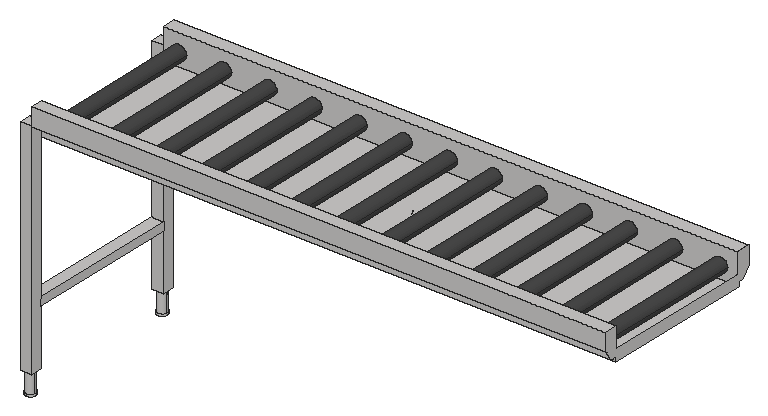
Revit family "QF_ELECTROLUXPROFESSIONAL_863033_HSLRC20", category Specialty Equipment, Revit 2018
Family settings
  Round Connector Dimension = Use Diameter
  Part Type = Normal
  Work Plane-Based = No
  Always vertical = Yes
  Cut with Voids When Loaded = No
  Shared = No
  Room Calculation Point = No
Parameters
  Weight = 0.00 kg
  Watts = 0 W
  Volts = 0 V
  URL Manufacturer = "http://professional.electrolux.com/"
  URL = "http://professional.electrolux.com/"
  Steam Supply Size = 0 mm
  Steam Supply Minimum Pressure = 0.0 Pa
  Steam Supply Maximum Pressure = 0.0 Pa
  Steam Pounds per Hour = 0
  Refrigeration Suction Line Size = 0 mm
  Refrigeration Liquid Line Size = 0 mm
  Refrigerant Compressor Remote = yes
  Manufacturer = "Electrolux"
  Phase = 0
  Model = "HSLRC20"
  Length Actual = 2000 mm  # constant formula
  Item Number = "863033"
  Hot Water Size = 0 mm
  Height Actual = 910 mm  # constant formula
  HP = "0 HP"
  Gas Size = 0 mm
  Gas KW = 0
  Gas Input Pressure = 0 W
  Description = "CONVEYOR, LONG ROLLERS, L=2000 MM"
  Depth Actual = 620 mm  # constant formula
  Cycle = 0 Hz
  Condensate Return Size = 0 mm
  Compressed Air Volume = 0.0 L/s
  Compressed Air Size = 0 mm
  Compressed Air Pressure = 0.0 Pa
  Cold Water Size = 0 mm
  Accessory = yes
Reference planes
  plane 1 "Centro (Fronte/Retro)": y = 74.737
  plane 2: z = 0
  plane 3 "LEFT": x = -1038.761
  plane 4 "BACK": y = 384.737
  plane 5 "FRONT": y = -235.263
  plane 6: z = 910
  plane 7 "RIGHT": x = 961.239
  plane 8: x = -8.761
Forms (mm)
  Extrusion 1, solid, material "QF_Finishes_Stainless Steel"
    sketch origin (0, 74.737, 0) x (1, 0, 0) y (0, 0, 1)
      loop
        line (-1079.929, 300) -> (-1079.929, 270) -> (-1039.929, 270) -> (-1039.929, 300) -> (-1079.929, 300)
    from -266.504 to 266.46
  Extrusion 2, solid, material "QF_Finishes_Stainless Steel"
    sketch origin (11.239, 0, 0) x (0, 1, 0) y (0, 0, 1)
      loop
        line (-235.263, 910) -> (-235.263, 850.033) -> (-190.242, 850.033) -> (-190.242, 910) -> (-235.263, 910)
      loop
        line (384.737, 910) -> (339.716, 910) -> (339.716, 850.033) -> (384.737, 850.033) -> (384.737, 910)
    from -1050 to 948.8
  Extrusion 3, solid, material "QF_Finishes_Stainless Steel"
    sketch origin (11.239, 0, 0) x (0, 1, 0) y (0, 0, 1)
      loop
        line (-191.727, 850.033) -> (-191.727, 800.081) -> (341.245, 800.081) -> (341.245, 850.033) -> (339.716, 850.033) -> (339.716, 803.081) -> (-190.242, 803.081) -> (-190.242, 850.033) -> (-191.727, 850.033)
    from -1050 to 948.8
  Extrusion 4, solid, material "QF_Finishes_Black"
    sketch origin (0, 74.737, 0) x (1, 0, 0) y (0, 0, -1)
      loop
        circle (-980.637, -850.115) r 25
      loop
        circle (-823.658, -850.115) r 25
      loop
        circle (-666.678, -850.115) r 25
      loop
        circle (903.115, -850.115) r 25
      loop
        circle (275.198, -850.115) r 25
      loop
        circle (432.177, -850.115) r 25
      loop
        circle (589.157, -850.115) r 25
      loop
        circle (746.136, -850.115) r 25
      loop
        circle (-509.699, -850.115) r 25
      loop
        circle (118.218, -850.115) r 25
      loop
        circle (-38.761, -850.115) r 25
      loop
        circle (-195.74, -850.115) r 25
      loop
        circle (-352.72, -850.115) r 25
    from -260.534 to 260.534
  Extrusion 5, solid, material "QF_Finishes_Stainless Steel"
    sketch origin (2461.239, 723.253, 4000) x (0, 1, 0) y (0, 0, 1)
      loop
        line (-958.516, -3090) -> (-958.516, -3149.967) -> (-934.752, -3185.632) -> (-915.4, -3185.632) -> (-915.4, -3199.919) -> (-381.633, -3199.919) -> (-381.633, -3185.632) -> (-362.281, -3185.632) -> (-338.516, -3149.967) -> (-338.516, -3090) -> (-383.538, -3090) -> (-383.538, -3161.926) -> (-913.495, -3161.926) -> (-913.495, -3090) -> (-958.516, -3090)
    from -1500 to -1501.2
  Revolve 6, solid, material "QF_Finishes_Stainless Steel"
    sketch origin (-38.815, 0, 0) x (0, 1, 0) y (0, 0, 1)
      loop
        line (74.737, 800.081) -> (12.53, 800.081) -> (12.319, 797.4) -> (12.319, 785.476) -> (17.293, 785.476) -> (17.293, 781.772)
        arc (17.293, 781.772) -> (20.266, 773.808) -> (27.77, 769.813) r 11.998
        line (27.77, 769.813) -> (74.737, 764.085) -> (74.737, 800.081)
      axis (74.737, 764.085) -> (74.737, 800.081)
    angle from 0 to 360
  Revolve 7, solid, material "QF_Finishes_Stainless Steel"
    sketch origin (-8.815, -1524, 744.096) x (0, 0, 1) y (0, -1, 0)
      loop
        line (13.017, -1619.713) -> (30, -1619.713) -> (30, -1598.737) -> (0, -1598.737) -> (0, -1619.713) -> (2.434, -1622.253) -> (10.477, -1622.253) -> (13.017, -1619.713)
      axis (0, -1598.737) -> (30, -1598.737)
    angle from 0 to 360
Cuts and joins
  joined: Extrusion 2, Extrusion 3
Lines and regions (mm)
  Split face 1
    outline origin (1008.239, 339.716, 803.081) x (-1, 0, 0) y (0, -1, 0)
      loop
        circle (1047, 264.904) r 3.016
  Split face 2
    outline origin (1008.239, 339.716, 803.081) x (-1, 0, 0) y (0, -1, 0)
      loop
        circle (1047, 264.904) r 52.991
  Split face 3
    outline origin (1008.239, 339.716, 803.081) x (-1, 0, 0) y (0, -1, 0)
      loop
        circle (1047, 264.904) r 36.015
  Split face 4
    outline origin (1008.239, 339.716, 803.081) x (-1, 0, 0) y (0, -1, 0)
      loop
        circle (1047, 264.904) r 26.027
  Split face 5
    outline origin (1008.239, 339.716, 803.081) x (-1, 0, 0) y (0, -1, 0)
      loop
        circle (1047, 264.904) r 9.056
  Masking region 1
    outline origin (0, 0, 0) x (1, 0, 0) y (0, 1, 0)
      loop
        line (-1038.761, 384.737) -> (-1038.761, -235.263) -> (961.239, -235.263) -> (961.239, 384.737) -> (-1038.761, 384.737)
  symbolic lines
    curve 1: line (961.239, 384.737, 0) -> (-1038.761, 384.737, 0)
    curve 2: line (-1038.761, 384.737, 0) -> (-1038.761, -235.263, 0)
    curve 3: line (-1038.761, 339.716, 0) -> (961.239, 339.716, 0)
    curve 4: line (-1038.761, -235.263, 0) -> (961.239, -235.263, 0)
    curve 5: line (961.239, -235.263, 0) -> (961.239, 384.737, 0)
    curve 6: line (961.239, -190.242, 0) -> (-1038.761, -190.242, 0)
    curve 7: line (-955.637, 335.271, 0) -> (-1005.637, 335.271, 0)
    curve 8: line (-1005.637, 335.271, 0) -> (-1005.637, -185.797, 0)
    curve 9: line (-1005.637, -185.797, 0) -> (-955.637, -185.797, 0)
    curve 10: line (-955.637, -185.797, 0) -> (-955.637, 335.271, 0)
    curve 11: line (-798.658, 335.271, 0) -> (-848.658, 335.271, 0)
    curve 12: line (-848.658, 335.271, 0) -> (-848.658, -185.797, 0)
    curve 13: line (-848.658, -185.797, 0) -> (-798.658, -185.797, 0)
    curve 14: line (-798.658, -185.797, 0) -> (-798.658, 335.271, 0)
    curve 15: line (-641.678, 335.271, 0) -> (-691.678, 335.271, 0)
    curve 16: line (-691.678, 335.271, 0) -> (-691.678, -185.797, 0)
    curve 17: line (-691.678, -185.797, 0) -> (-641.678, -185.797, 0)
    curve 18: line (-641.678, -185.797, 0) -> (-641.678, 335.271, 0)
    curve 19: line (928.115, 335.271, 0) -> (878.115, 335.271, 0)
    curve 20: line (878.115, 335.271, 0) -> (878.115, -185.797, 0)
    curve 21: line (878.115, -185.797, 0) -> (928.115, -185.797, 0)
    curve 22: line (928.115, -185.797, 0) -> (928.115, 335.271, 0)
    curve 23: line (961.239, 74.737, 0) -> (931.239, 74.737, 0)
    curve 24: line (-1038.761, 74.737, 0) -> (-1008.761, 74.737, 0)
    curve 25: arc (-39.404, 137.156, 0) -> (23.014, 74.737, 0) -> (-39.404, 12.319, 0) r 62.418
    curve 26: arc (-39.404, 12.319, 0) -> (-101.823, 74.737, 0) -> (-39.404, 137.156, 0) r 62.418
    curve 27: arc (-9.404, 95.713, 0) -> (-30.38, 74.737, 0) -> (-9.404, 53.761, 0) r 20.976
    curve 28: arc (-9.404, 53.761, 0) -> (11.572, 74.737, 0) -> (-9.404, 95.713, 0) r 20.976
    curve 29: line (-484.699, 335.271, 0) -> (-534.699, 335.271, 0)
    curve 30: line (-534.699, 335.271, 0) -> (-534.699, -185.797, 0)
    curve 31: line (-534.699, -185.797, 0) -> (-484.699, -185.797, 0)
    curve 32: line (-484.699, -185.797, 0) -> (-484.699, 335.271, 0)
    curve 33: line (-327.72, 335.271, 0) -> (-377.72, 335.271, 0)
    curve 34: line (-377.72, 335.271, 0) -> (-377.72, -185.797, 0)
    curve 35: line (-377.72, -185.797, 0) -> (-327.72, -185.797, 0)
    curve 36: line (-327.72, -185.797, 0) -> (-327.72, 335.271, 0)
    curve 37: line (-170.74, 335.271, 0) -> (-220.74, 335.271, 0)
    curve 38: line (-220.74, 335.271, 0) -> (-220.74, -185.797, 0)
    curve 39: line (-220.74, -185.797, 0) -> (-170.74, -185.797, 0)
    curve 40: line (-170.74, -185.797, 0) -> (-170.74, 335.271, 0)
    curve 41: line (-13.761, 335.271, 0) -> (-63.761, 335.271, 0)
    curve 42: line (-63.761, 335.271, 0) -> (-63.761, -185.797, 0)
    curve 43: line (-63.761, -185.797, 0) -> (-13.761, -185.797, 0)
    curve 44: line (-13.761, -185.797, 0) -> (-13.761, 335.271, 0)
    curve 45: line (143.218, 335.271, 0) -> (93.218, 335.271, 0)
    curve 46: line (93.218, 335.271, 0) -> (93.218, -185.797, 0)
    curve 47: line (93.218, -185.797, 0) -> (143.218, -185.797, 0)
    curve 48: line (143.218, -185.797, 0) -> (143.218, 335.271, 0)
    curve 49: line (300.198, 335.271, 0) -> (250.198, 335.271, 0)
    curve 50: line (250.198, 335.271, 0) -> (250.198, -185.797, 0)
    curve 51: line (250.198, -185.797, 0) -> (300.198, -185.797, 0)
    curve 52: line (300.198, -185.797, 0) -> (300.198, 335.271, 0)
    curve 53: line (457.177, 335.271, 0) -> (407.177, 335.271, 0)
    curve 54: line (407.177, 335.271, 0) -> (407.177, -185.797, 0)
    curve 55: line (407.177, -185.797, 0) -> (457.177, -185.797, 0)
    curve 56: line (457.177, -185.797, 0) -> (457.177, 335.271, 0)
    curve 57: line (614.157, 335.271, 0) -> (564.157, 335.271, 0)
    curve 58: line (564.157, 335.271, 0) -> (564.157, -185.797, 0)
    curve 59: line (564.157, -185.797, 0) -> (614.157, -185.797, 0)
    curve 60: line (614.157, -185.797, 0) -> (614.157, 335.271, 0)
    curve 61: line (771.136, 335.271, 0) -> (721.136, 335.271, 0)
    curve 62: line (721.136, 335.271, 0) -> (721.136, -185.797, 0)
    curve 63: line (721.136, -185.797, 0) -> (771.136, -185.797, 0)
    curve 64: line (771.136, -185.797, 0) -> (771.136, 335.271, 0)
Dimensions and locks
  plane 3 "LEFT" to plane 7 "RIGHT" = 2000 mm
  equal spacing: plane 4 "BACK", plane 1 "Centro (Fronte/Retro)", plane 5 "FRONT"
  plane 4 "BACK" to plane 5 "FRONT" = 620 mm
  locked: Extrusion 4 sketch curve to plane 3 "LEFT" at 58.124
  locked: plane 7 "RIGHT" to Extrusion 4 sketch curve at 58.124
  equal spacing: Extrusion 4 sketch curve, Extrusion 4 sketch curve, Extrusion 4 sketch curve, Extrusion 4 sketch curve, Extrusion 4 sketch curve, Extrusion 4 sketch curve, Extrusion 4 sketch curve, Extrusion 4 sketch curve, Extrusion 4 sketch curve, Extrusion 4 sketch curve, Extrusion 4 sketch curve, Extrusion 4 sketch curve, Extrusion 4 sketch curve
  aligned and locked: level to plane 2
Automatic sketch dimensions
  Extrusion 1 sketch curve to plane 3 "LEFT" = 41.168 mm
  Extrusion 1 sketch curve to plane 3 "LEFT" = 1.168 mm
  level to Extrusion 1 sketch curve = 270 mm
  Extrusion 1 sketch curve to Extrusion 1 sketch curve = 30 mm
  Extrusion 2 sketch curve to plane 5 "FRONT" = 0 mm
  Extrusion 2 sketch curve to plane 6 = 0 mm  (x2)
  Extrusion 2 sketch curve to plane 4 "BACK" = 0 mm
  plane 5 "FRONT" to Extrusion 2 sketch curve = 45.021 mm
  Extrusion 2 sketch curve to plane 4 "BACK" = 45.021 mm
  Extrusion 2 sketch curve to Extrusion 2 sketch curve = 59.967 mm  (x2)
  plane 5 "FRONT" to Extrusion 3 sketch curve = 43.536 mm
  Extrusion 3 sketch curve to Extrusion 3 sketch curve = 1.486 mm
  Extrusion 3 sketch curve to plane 4 "BACK" = 45.021 mm
  Extrusion 3 sketch curve to Extrusion 3 sketch curve = 1.529 mm
  Extrusion 3 sketch curve to plane 6 = 109.919 mm
  Extrusion 3 sketch curve to Extrusion 3 sketch curve = 3 mm
  Extrusion 3 sketch curve to Extrusion 3 sketch curve = 46.952 mm  (x2)
  Split face 1 sketch curve to cut or joined group of Extrusion 2, Extrusion 3 = 998.8 mm
  cut or joined group of Extrusion 2, Extrusion 3 to Split face 1 sketch curve = 264.904 mm
  Split face 2 sketch curve to cut or joined group of Extrusion 2, Extrusion 3 = 998.8 mm
  cut or joined group of Extrusion 2, Extrusion 3 to Split face 2 sketch curve = 264.904 mm
  Split face 3 sketch curve to cut or joined group of Extrusion 2, Extrusion 3 = 998.8 mm
  cut or joined group of Extrusion 2, Extrusion 3 to Split face 3 sketch curve = 264.904 mm
  Split face 4 sketch curve to cut or joined group of Extrusion 2, Extrusion 3 = 998.8 mm
  cut or joined group of Extrusion 2, Extrusion 3 to Split face 4 sketch curve = 264.904 mm
  Split face 5 sketch curve to cut or joined group of Extrusion 2, Extrusion 3 = 998.8 mm
  cut or joined group of Extrusion 2, Extrusion 3 to Split face 5 sketch curve = 264.904 mm
  Masking region 1 sketch curve to plane 3 "LEFT" = 0 mm
  Masking region 1 sketch curve to plane 5 "FRONT" = 0 mm
  Masking region 1 sketch curve to plane 7 "RIGHT" = 0 mm
  Masking region 1 sketch curve to plane 4 "BACK" = 0 mm
  Extrusion 5 sketch curve to plane 5 "FRONT" = 0 mm
  Extrusion 5 sketch curve to plane 6 = 0 mm  (x2)
  Extrusion 5 sketch curve to plane 4 "BACK" = 0 mm
  plane 5 "FRONT" to Extrusion 5 sketch curve = 23.764 mm
  Extrusion 5 sketch curve to Extrusion 5 sketch curve = 19.352 mm  (x2)
  plane 5 "FRONT" to Extrusion 5 sketch curve = 45.021 mm
  Extrusion 5 sketch curve to plane 4 "BACK" = 45.021 mm
  Extrusion 5 sketch curve to Extrusion 5 sketch curve = 1.905 mm
  Extrusion 5 sketch curve to Extrusion 5 sketch curve = 59.967 mm  (x2)
  Extrusion 5 sketch curve to Extrusion 5 sketch curve = 11.959 mm
  Extrusion 5 sketch curve to Extrusion 5 sketch curve = 23.706 mm  (x2)
  Extrusion 5 sketch curve to Extrusion 5 sketch curve = 14.287 mm
  Revolve 6 sketch curve to plane 1 "Centro (Fronte/Retro)" = 0 mm  (x2)
  plane 1 "Centro (Fronte/Retro)" to Revolve 6 sketch curve = 45.447 mm
  Revolve 6 sketch curve to Revolve 6 sketch curve = 1.52 mm
  Revolve 6 sketch curve to Revolve 6 sketch curve = 11.998 mm
  Revolve 6 sketch curve to Revolve 6 sketch curve = 4.762 mm
  Revolve 6 sketch curve to Revolve 6 sketch curve = 4.974 mm
  Revolve 6 sketch curve to plane 6 = 145.915 mm
  Revolve 6 sketch curve to Revolve 6 sketch curve = 5.727 mm
  Revolve 6 sketch curve to Revolve 6 sketch curve = 11.901 mm
  Revolve 6 sketch curve to Revolve 6 sketch curve = 3.704 mm
  Revolve 6 sketch curve to Revolve 6 sketch curve = 11.924 mm
  Revolve 6 sketch curve to Revolve 6 sketch curve = 2.681 mm
  Revolve 6 sketch curve to Revolve 6 sketch curve = 3 mm
  Revolve 6 sketch curve to Revolve 6 sketch curve = 14.991 mm
  Revolve 7 sketch curve to plane 1 "Centro (Fronte/Retro)" = 0 mm  (x2)
  Revolve 7 sketch curve to plane 1 "Centro (Fronte/Retro)" = 20.976 mm
  Revolve 7 sketch curve to plane 6 = 165.904 mm
  Revolve 7 sketch curve to plane 1 "Centro (Fronte/Retro)" = 23.516 mm
  Revolve 7 sketch curve to Revolve 7 sketch curve = 2.434 mm
  Revolve 7 sketch curve to Revolve 7 sketch curve = 8.043 mm
  Revolve 7 sketch curve to Revolve 7 sketch curve = 2.54 mm  (x2)
  Revolve 7 sketch curve to Revolve 7 sketch curve = 16.983 mm
  Revolve 7 sketch curve to Revolve 7 sketch curve = 3.127 mm
  Revolve 7 sketch curve to Revolve 7 sketch curve = 7.343 mm
  Extrusion 4 sketch curve to plane 6 = 59.885 mm  (x13)
  curve 25 to curve 26 = 0 mm  (x2)
  curve 27 to curve 28 = 0 mm  (x2)
  curve 4 to plane 3 "LEFT" = 0 mm
  plane 1 "Centro (Fronte/Retro)" to curve 24 = 0 mm
  plane 1 "Centro (Fronte/Retro)" to curve 25 = 0 mm
  plane 1 "Centro (Fronte/Retro)" to curve 27 = 0 mm
  plane 1 "Centro (Fronte/Retro)" to curve 23 = 0 mm
  curve 6 to plane 7 "RIGHT" = 0 mm
  curve 4 to plane 5 "FRONT" = 0 mm
  curve 2 to plane 4 "BACK" = 0 mm
  plane 3 "LEFT" to curve 9 = 33.124 mm
  curve 7 to curve 10 = 50 mm
  plane 5 "FRONT" to curve 12 = 49.466 mm
  curve 9 to curve 12 = 106.979 mm
  curve 11 to curve 11 = 50 mm
  plane 5 "FRONT" to curve 16 = 49.466 mm
  curve 13 to curve 16 = 106.979 mm
  curve 15 to curve 15 = 50 mm
  plane 5 "FRONT" to curve 30 = 49.466 mm
  curve 17 to curve 30 = 106.979 mm
  curve 29 to curve 29 = 50 mm
  plane 5 "FRONT" to curve 34 = 49.466 mm
  curve 31 to curve 34 = 106.979 mm
  curve 33 to curve 33 = 50 mm
  curve 37 to plane 4 "BACK" = 49.466 mm
  curve 33 to curve 37 = 106.979 mm
  curve 38 to curve 39 = 50 mm
  curve 42 to plane 8 = 55 mm
  curve 25 to plane 8 = 30.643 mm
  curve 41 to plane 8 = 5 mm
  curve 27 to plane 8 = 0.643 mm
  curve 45 to plane 4 "BACK" = 49.466 mm
  plane 8 to curve 45 = 101.979 mm
  curve 46 to curve 47 = 50 mm
  curve 49 to plane 4 "BACK" = 49.466 mm
  curve 45 to curve 49 = 106.979 mm
  curve 49 to curve 52 = 50 mm
  curve 54 to plane 4 "BACK" = 49.466 mm
  curve 49 to curve 54 = 106.979 mm
  curve 54 to curve 55 = 50 mm
  curve 57 to plane 4 "BACK" = 49.466 mm
  curve 53 to curve 57 = 106.979 mm
  curve 58 to curve 60 = 50 mm
  curve 61 to plane 4 "BACK" = 49.466 mm
  curve 57 to curve 61 = 106.979 mm
  curve 62 to curve 63 = 50 mm
  curve 20 to plane 7 "RIGHT" = 83.124 mm
  curve 21 to plane 7 "RIGHT" = 33.124 mm
  plane 5 "FRONT" to curve 63 = 49.466 mm
  plane 5 "FRONT" to curve 59 = 49.466 mm
  plane 5 "FRONT" to curve 56 = 49.466 mm
  plane 5 "FRONT" to curve 8 = 49.466 mm
  plane 5 "FRONT" to curve 52 = 49.466 mm
  plane 5 "FRONT" to curve 48 = 49.466 mm
  plane 5 "FRONT" to curve 44 = 49.466 mm
  plane 5 "FRONT" to curve 20 = 49.466 mm
  plane 5 "FRONT" to curve 40 = 49.466 mm
  curve 36 to plane 4 "BACK" = 49.466 mm
  curve 32 to plane 4 "BACK" = 49.466 mm
  curve 41 to plane 4 "BACK" = 49.466 mm
  curve 22 to plane 4 "BACK" = 49.466 mm
  curve 18 to plane 4 "BACK" = 49.466 mm
  curve 14 to plane 4 "BACK" = 49.466 mm
  curve 10 to plane 4 "BACK" = 49.466 mm
  curve 24 to curve 24 = 30 mm
  curve 23 to plane 7 "RIGHT" = 30 mm
  curve 6 to curve 21 = 4.445 mm
  curve 25 to curve 25 = 62.418 mm
  curve 27 to curve 27 = 20.976 mm
  curve 19 to curve 3 = 4.445 mm
  radius of Split face 1 sketch curve = 3.016 mm
  radius of Split face 2 sketch curve = 52.991 mm
  radius of Split face 3 sketch curve = 36.015 mm
  radius of Split face 4 sketch curve = 26.027 mm
  radius of Split face 5 sketch curve = 9.056 mm
  radius of Extrusion 4 sketch curve = 25 mm  (x13)
Nested families
  nested 1: "Foot_40x40" at (-1059.929, 361.245, 0), type "Foot_40x40"
    with A 850.033 mm
  nested 2: "Foot_40x40" at (-1059.929, -211.771, 0), type "Foot_40x40"
    with A 850.033 mm
  nested 3: "Foot_40x40" at (-1059.929, 361.288, 0), type "Foot_40x40"
    with A 850.033 mm
Connectors
  piping at (-8.815, 74.737, 744.096), diameter 30
    settings: on Revolve 7, index 4, connector inside diameter 609.6 mm, connector length 0 mm, flow factor 0, pipe flow 0.0 L/s, pressure drop 0.0 Pa, fitting loss kfactor 0, connector angle 0.00°, fixture units 0, engagement length 0 mm, angle of deflection 0.00°, flow configuration 1, flow direction 2, fitting loss method 0, system type 16, joint type 0, gender type 0, connector reference index -1, connector utility 0, adjustable connector no, is connector primary yes, connector description "Drain"
Definition of nested family "Foot_40x40"
  Parameters
    A [instance] = 850 mm
  Reference planes
    plane 1 "Centro (Fronte/Retro)": y = 0
    plane 2: z = 0
    plane 3 "Centro (Sinistra/Destra)": x = 0
    plane 4: z = 850
  Forms (mm)
    Extrusion 1, solid
      sketch origin (0, 0, 0) x (1, 0, 0) y (0, 1, 0)
        loop
          circle (0, 0) r 18
      from 0 to 5
    Extrusion 2, solid
      sketch origin (0, 0, 5) x (1, 0, 0) y (0, 1, 0)
        loop
          circle (0, 0) r 15
      from 0 to 70
    Extrusion 3, solid
      sketch origin (0, 0, 75) x (1, 0, 0) y (0, 1, 0)
        loop
          line (-20, 20) -> (-20, -20) -> (20, -20) -> (20, 20) -> (-20, 20)
      from 0 to 775
  Dimensions and locks
    "A": plane 4 to plane 2
    aligned and locked: level to plane 2
    aligned and locked: plane 4 to Extrusion 3
    aligned and locked: Extrusion 1 to level
  Automatic sketch dimensions
    plane 1 "Centro (Fronte/Retro)" to Extrusion 1 sketch curve = 0 mm
    Extrusion 1 sketch curve to plane 3 "Centro (Sinistra/Destra)" = 0 mm
    Extrusion 3 sketch curve to Extrusion 3 sketch curve = 40 mm  (x2)
    radius of Extrusion 1 sketch curve = 18 mm
    radius of Extrusion 2 sketch curve to Extrusion 1 = 3 mm
